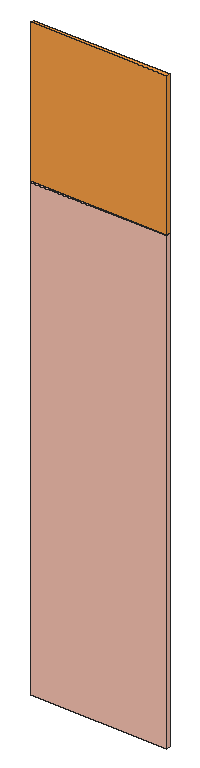
Revit family "EXP_WT-1B_CPan-006", category Curtain Panels, Revit 2021
Family settings
  OmniClass Number = 23.25.20.14.11.11.17
  OmniClass Title = Infill Panels
  Always vertical = Yes
  Cut with Voids When Loaded = No
  Shared = No
Parameters (values of type "H1 = 7' 3 1/2"")
  UI-UnitNumber [instance] = "001"
  UI-Quadrant [instance] = "SE"
  UI-ProjectAbbreviation = "NEU"
  UI-ItemCategory = "PID"
  UI-FloorNumber [instance] = "03"
  PNT-WallType = "WT1B"
  PNT-ProjectAbbreviation = "NEU"
  PNT-PanelType [instance] = "01"
  PNT-ItemCategory = "PNL"
  GlassSPH2(x2) [instance] = 0' - 2 3/16"
  GlassSPH1 [instance] = 0' - 2 3/16"
  GlassH2 [instance] = IG-2F(Glass)
  GlassH1 [instance] = IG-4F(Glass)
  Define Thermal Properties by = Schematic Type
  CellSp = 0' - 10 3/16"
  CellL [instance] = 7' - 0"
  CellH2 [instance] = CellH - CellH1  # 23' - 2 1/2"
  CellH1 = 7' - 3 1/2"
  CellH [instance] = 30' - 6"
  Analytic Construction = "<None>"
Types (2): name | CellH2 | CellH1
  H1 = 7' 3 1/2" | 23' - 2 1/2" | 7' - 3 1/2"
  H1 = 11' 1" | 28' - 7" | 1' - 11"
Reference planes (in)
  plane 1 "Center (Front/Back)": y = 0
  plane 2: z = 0
  plane 3 "Center (Left/Right)": x = 0
  plane 4 "Left": x = -42
  plane 5 "Right": x = 42
  plane 6 "Top": z = 366
  plane 7: z = 278.5
  plane 8: y = -10.1875
Forms (in)
  Extrusion 1, solid, material "IG-2F(Glass)" <- "GlassH2", detail levels coarse+medium
    sketch origin (0, 0, 0) x (0, 1, 0) y (0, 0, 1)
      loop
        line (-10.1875, 278.5) -> (-10.1875, 0) -> (0, 0) -> (0, 278.5) -> (-10.1875, 278.5)
    from -42 to 42
  Extrusion 2, solid, material "IG-4F(Glass)" <- "GlassH1", detail levels coarse+medium
    sketch origin (0, 0, 0) x (0, 1, 0) y (0, 0, 1)
      loop
        line (-10.1875, 366) -> (-10.1875, 278.5) -> (0, 278.5) -> (0, 366) -> (-10.1875, 366)
    from -42 to 42
Text (in)
  text "Exterior" at (-92.59733, 55.75508, 0), in view "Ref. Level"
  text "Exterior" at (0, 90.18664, 173.49264), in view "Left"
  text "Exterior" at (0, 52.29083, 162.21847), in view "Right"
Dimensions and locks (in)
  Extrusion 2 sketch curve to Extrusion 2 sketch curve = 0' - 10 3/16"
  "CellL": plane 4 "Left" to plane 5 "Right"
  equal spacing: plane 4 "Left", plane 3 "Center (Left/Right)", plane 5 "Right"
  "CellSp": plane 8 to plane 1 "Center (Front/Back)"
  "CellH": plane 2 to plane 6 "Top"
  "CellH1": plane 7 to plane 6 "Top"
  aligned and locked: Extrusion 1 sketch curve to plane 7
  aligned and locked: plane 8 to Extrusion 1 sketch curve
  aligned and locked: Extrusion 1 sketch curve to plane 1 "Center (Front/Back)"
  aligned and locked: plane 4 "Left" to Extrusion 1
  aligned and locked: Extrusion 1 to plane 5 "Right"
  aligned and locked: plane 6 "Top" to Extrusion 2 sketch curve
  aligned and locked: plane 8 to Extrusion 2 sketch curve
  aligned and locked: Extrusion 2 sketch curve to Extrusion 1
  aligned and locked: Extrusion 2 to plane 5 "Right"
  aligned and locked: plane 4 "Left" to Extrusion 2
  aligned and locked: plane 1 "Center (Front/Back)" to Extrusion 2
  aligned and locked: level to plane 2
  aligned and locked: Extrusion 1 to plane 2
  aligned and locked: plane 1 "Center (Front/Back)" to nested 1
  aligned and locked: plane 5 "Right" to nested 1
  aligned and locked: plane 2 to Extrusion 1
  aligned and locked: Extrusion 2 to plane 6 "Top"
  aligned and locked: plane 4 "Left" to nested 1
  aligned and locked: plane 4 "Left" to nested 2
  aligned and locked: plane 5 "Right" to nested 2
  aligned and locked: plane 1 "Center (Front/Back)" to nested 2
  aligned and locked: nested 2 to plane 6 "Top"
  aligned and locked: plane 7 to nested 2
  aligned and locked: plane 4 "Left" to nested 3
  aligned and locked: plane 5 "Right" to nested 3
  aligned and locked: plane 1 "Center (Front/Back)" to nested 3
  aligned and locked: plane 7 to nested 3
  aligned and locked: plane 2 to nested 3
Automatic sketch dimensions
  Extrusion 1 sketch curve to plane 7 = 23' - 2 1/2"
Nested families (in)
  nested 1: "EXP_xx_DetO-002" at (0, 0, 0), CellH <- "CellH", CellL <- "CellL", type "EXP_xx_DetO-002", detail levels coarse
    with CellL 7' - 0", CellH 30' - 6"
  nested 2: "EXP_WT-1x_IG-001" at (0, 0, 322.25), GlassSP <- "GlassSPH1", MaterialGlass <- "GlassH1", type "GlassSP = H1"
    with MaterialGlass IG-4F(Glass), GlassSP 0' - 2 3/16", GlassL 6' - 10.12549", GlassH 7' - 1 13/16", CellL 7' - 0", CellH 7' - 3 1/2"
  nested 3: "EXP_WT-1x_IG-001" at (0, 0, 139.25), GlassSP <- "GlassSPH2(x2)", MaterialGlass <- "GlassH2", type "GlassSP = H2(x2)"
    with MaterialGlass IG-2F(Glass), GlassSP 0' - 2 3/16", GlassL 6' - 10.12598", GlassH 23' - 0.56299", CellL 7' - 0", CellH 23' - 2 1/2"
Definition of nested family "EXP_WT-1x_IG-001"
  Parameters (values of type "H2 _ GlassSP = 1 1/4"")
    MaterialGlass [instance] = none
    GlassSP [instance] = 0' - 1 1/4"
    GlassL [instance] = CellL - (GlassD1 + GlassD3)  # 3' - 10.94439"
    GlassH [instance] = CellH - (GlassD2 + GlassD4)  # 6' - 6.64788"
    GlassD4 = 0' - 1.43701"
    GlassD3 = 0' - 0.93701"
    GlassD2 = 0' - 0 1/2"
    GlassD1 = 0' - 0 15/16"
    GMPI-ProjectAbbreviation = "NEU"
    GMPI-IteamCategory = "GLS"
    Default Elevation = 0' - 0"
    CellL [instance] = 4' - 0.8189"
    CellH [instance] = 6' - 8.58489"
  Types (12): name | GlassSP | GlassL | GlassH | GlassD4 | GlassD2 | GlassD1
    H2(x2) _ GlassSP = 2 1/8" | 0' - 2.12598" | 3' - 10.94488" | 6' - 6.64788" | 0' - 1.43701" | 0' - 0 1/2" | 0' - 0.93701"
    H1 _ GlassSP = 1 1/4" | 0' - 1 1/4" | 3' - 10.94439" | 6' - 6.89739" | 0' - 0 1/4" | 0' - 1 7/16" | 0' - 0 15/16"
    H2(x3) _ GlassSP = 2 1/8" | 0' - 2.12598" | 3' - 10.94488" | 6' - 7.83489" | 0' - 0 1/4" | 0' - 0 1/2" | 0' - 0.93701"
    H3 _ GlassSP = 1 1/4" | 0' - 1 1/4" | 3' - 10.94439" | 6' - 6.64788" | 0' - 1.43701" | 0' - 0 1/2" | 0' - 0 15/16"
    H _ GlassSP = 2 1/8" | 0' - 2.12598" | 3' - 10.94488" | 6' - 5.71088" | 0' - 1.43701" | 0' - 1.43701" | 0' - 0.93701"
    H _ GlassSP = 1 1/4" | 0' - 1 1/4" | 3' - 10.94439" | 6' - 5.71088" | 0' - 1.43701" | 0' - 1.43701" | 0' - 0 15/16"
    H2 _ GlassSP = 1 1/4" | 0' - 1 1/4" | 3' - 10.94439" | 6' - 6.64788" | 0' - 1.43701" | 0' - 0 1/2" | 0' - 0 15/16"
    GlassSP = H | 0' - 1 1/4" | 3' - 10.94439" | 6' - 5.71088" | 0' - 1.43701" | 0' - 1.43701" | 0' - 0 15/16"
    GlassSP = H3 | 0' - 1 1/4" | 3' - 10.94439" | 6' - 6.64788" | 0' - 1.43701" | 0' - 0 1/2" | 0' - 0 15/16"
    GlassSP = H2(x3) | 0' - 2.12598" | 3' - 10.94488" | 6' - 7.83489" | 0' - 0 1/4" | 0' - 0 1/2" | 0' - 0.93701"
    GlassSP = H2(x2) | 0' - 2.12598" | 3' - 10.94488" | 6' - 6.64788" | 0' - 1.43701" | 0' - 0 1/2" | 0' - 0.93701"
    GlassSP = H1 | 0' - 1 1/4" | 3' - 10.94439" | 6' - 6.89739" | 0' - 0 1/4" | 0' - 1 7/16" | 0' - 0 15/16"
  Reference planes (in)
    plane 1 "Center (Front/Back)": y = 0
    plane 2: z = 0
    plane 3 "Center (Left/Right)": x = 0
    plane 4: x = -24.40945
    plane 5: x = 24.40945
    plane 6: z = 40.29245
    plane 7: x = -23.47195
    plane 8: x = 23.47244
    plane 9: z = -40.29245
    plane 10: z = 39.79245
    plane 11: z = -38.85544
  Forms (in)
    Extrusion 1, solid, material <- "MaterialGlass"
      sketch origin (0, 0, 0) x (1, 0, 0) y (0, 0, 1)
        loop
          line (-23.47195, -38.85544) -> (23.47244, -38.85544) -> (23.47244, 39.79245) -> (-23.47195, 39.79245) -> (-23.47195, -38.85544)
      from 0 to 1.25 <- "GlassSP"
  Dimensions and locks (in)
    equal spacing: plane 6, level, plane 9
    "CellH": plane 6 to plane 9
    "GlassD2": plane 6 to plane 10
    "GlassD4": plane 11 to plane 9
    equal spacing: plane 4, plane 3 "Center (Left/Right)", plane 5
    "CellL": plane 4 to plane 5
    "GlassD1": plane 4 to plane 7
    "GlassD3": plane 5 to plane 8
    aligned and locked: level to plane 2
    aligned and locked: Extrusion 1 sketch curve to plane 11
    aligned and locked: Extrusion 1 sketch curve to plane 7
    aligned and locked: plane 10 to Extrusion 1 sketch curve
    aligned and locked: plane 8 to Extrusion 1 sketch curve
Definition of nested family "EXP_xx_DetO-002"
  Parameters (values of type "EXP_xx_DetO-002")
    Default Elevation = 0' - 0"
    CellL [instance] = 5' - 4.56693"
    CellH [instance] = 5' - 2.99213"
  Reference planes (in)
    plane 1 "Center (Front/Back)": y = 0
    plane 2: z = 0
    plane 3 "Center (Left/Right)": x = 0
    plane 4: x = -32.28346
    plane 5: x = 32.28346
    plane 6: z = 62.99213
  Lines and regions (in)
    model lines
      curve 1: line (-32.28346, 0, 62.99213) -> (32.28346, 0, 0)
      curve 2: line (32.28346, 0, 62.99213) -> (-32.28346, 0, 0)
  Dimensions and locks (in)
    "CellH": plane 6 to level
    equal spacing: plane 4, plane 3 "Center (Left/Right)", plane 5
    "CellL": plane 4 to plane 5
    aligned and locked: level to plane 2
  Automatic sketch dimensions
    curve 2 to level = 0' - 0"
    plane 4 to curve 2 = 0' - 0"
    plane 4 to curve 1 = 0' - 0"
    plane 5 to curve 2 = 0' - 0"
    curve 1 to level = 0' - 0"
    plane 5 to curve 1 = 0' - 0"
    curve 2 to plane 6 = 0' - 0"
    curve 1 to plane 6 = 0' - 0"
